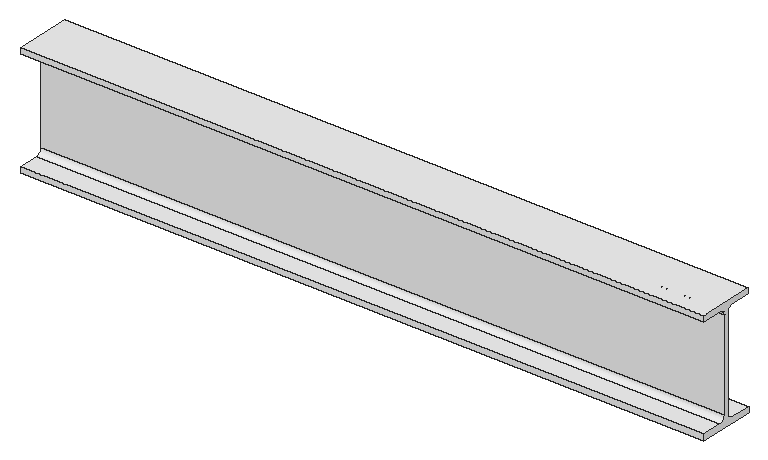
Revit family
Parameters (values of type "I200X26")
  시작 확장 계산 [instance] = 3012.5 mm + 시작 확장  # 3000 mm
  시작 확장 [instance] = -12.5 mm
  끝 확장 계산 [instance] = 3012.5 mm + 끝 확장  # 3000 mm
  끝 확장 [instance] = -12.5 mm
  보 재료 [instance] = 금속 - 스틸 - 345 MPa
  Assembly Code = ""
  A = 0.003 m²
  Length [instance] = 1500 mm
  W = 0.25497
  bf = 100 mm
  d = 200 mm
  k = 20 mm
  kr = k - tf  # 10 mm
  tf = 10 mm
  tw = 7 mm
Reference planes
  plane 1 "중심(앞/뒤)": y = 0
  plane 2: z = 0
  plane 3 "중심(왼쪽/오른쪽)": x = 4.61
  plane 4 "왼쪽 부재": x = -604.99
  plane 5 "오른쪽 부재": x = 614.21
  plane 6: y = 50
  plane 7: y = -50
  plane 8 "상단": z = 100
  plane 9: z = -100
  plane 10 "오른쪽": x = 766.61
  plane 11 "왼쪽": x = -733.39
  plane 12: x = -604.99
  plane 13: x = 614.21
  plane 14: x = 2395.01
  plane 15: x = -2385.79
Forms (mm)
  Sweep 1, solid, material "금속 - 스틸 - 345 MPa" <- "보 재료", detail levels fine
    path origin (0, 0, 0) x (1, 0, 0) y (0, 1, 0)
      loop
        line (614.21, 0) -> (-604.99, 0)
    profile "M_HP-내력 파일-프로파일-섬세 : M_HP-내력 파일-프로파일-섬세" origin (4.61, 0, 0) x (0, -1, 0) y (0, 0, 1)
      loop
        line (-50, -100) -> (50, -100) -> (50, -90) -> (13.5, -90)
        arc (13.5, -90) -> (6.429, -87.071) -> (3.5, -80) r 10
        line (3.5, -80) -> (3.5, 80)
        arc (3.5, 80) -> (6.429, 87.071) -> (13.5, 90) r 10
        line (13.5, 90) -> (50, 90) -> (50, 100) -> (-50, 100) -> (-50, 90) -> (-13.5, 90)
        arc (-13.5, 90) -> (-6.429, 87.071) -> (-3.5, 80) r 10
        line (-3.5, 80) -> (-3.5, -80)
        arc (-3.5, -80) -> (-6.429, -87.071) -> (-13.5, -90) r 10
        line (-13.5, -90) -> (-50, -90) -> (-50, -100)
  Sweep 2, solid, material "금속 - 스틸 - 345 MPa" <- "보 재료", detail levels medium
    path origin (0, 0, 0) x (1, 0, 0) y (0, 1, 0)
      loop
        line (614.21, 0) -> (-604.99, 0)
    profile "M_HP-내력 파일-프로파일-중간 : M_HP-내력 파일-프로파일-중간" origin (4.61, 0, 0) x (0, -1, 0) y (0, 0, 1)
      loop
        line (-50, -100) -> (50, -100) -> (50, -90) -> (3.5, -90) -> (3.5, 90) -> (50, 90) -> (50, 100) -> (-50, 100) -> (-50, 90) -> (-3.5, 90) -> (-3.5, -90) -> (-50, -90) -> (-50, -100)
Lines and regions (mm)
  symbolic lines, style "숨겨진 면", detail levels medium+fine
    curve 1: line (614.21, -6.5, 0) -> (-604.99, -6.5, 0)
    curve 2: line (614.21, 6.5, 0) -> (-604.99, 6.5, 0)
  symbolic lines, style "기호 부착", detail levels coarse
    curve 3: line (4.61, 50, 100) -> (4.61, -50, 100)
    curve 4: line (4.61, -50, -100) -> (4.61, 50, -100)
    curve 5: line (4.61, 0, -100) -> (4.61, 0, 100)
Dimensions and locks
  "bf": plane 6 to plane 7
  "d": plane 9 to plane 8 "상단"
  equal spacing: plane 9, plane 2, plane 8 "상단"
  equal spacing: plane 6, plane 1 "중심(앞/뒤)", plane 7
  "Length": plane 11 "왼쪽" to plane 10 "오른쪽"
  locked: plane 4 "왼쪽 부재" to plane 14 at 3000
  locked: plane 15 to plane 5 "오른쪽 부재" at 3000
  "시작 확장 계산": plane 12 to plane 14
  "끝 확장 계산": plane 15 to plane 13
  aligned and locked: Sweep 1 sketch curve to plane 1 "중심(앞/뒤)"
  aligned and locked: Sweep 2 sketch curve to plane 1 "중심(앞/뒤)"
  aligned and locked: Sweep 2 to curve 3  (x2)
  aligned and locked: Sweep 2 to curve 4  (x2)
  aligned and locked: curve 3 to Sweep 2
  aligned and locked: curve 4 to Sweep 2
  aligned and locked: plane 12 to Sweep 2 sketch curve
  aligned and locked: plane 13 to Sweep 2 sketch curve
  aligned and locked: plane 12 to Sweep 1 sketch curve
  aligned and locked: plane 13 to Sweep 1 sketch curve
  aligned and locked: plane 12 to curve 1
  aligned and locked: plane 12 to curve 2
  aligned and locked: plane 13 to curve 1
  aligned and locked: plane 13 to curve 2
Automatic sketch dimensions
  plane 1 "중심(앞/뒤)" to curve 1 = 6.5 mm
  curve 2 to plane 1 "중심(앞/뒤)" = 6.5 mm
  curve 5 to plane 1 "중심(앞/뒤)" = 0 mm
